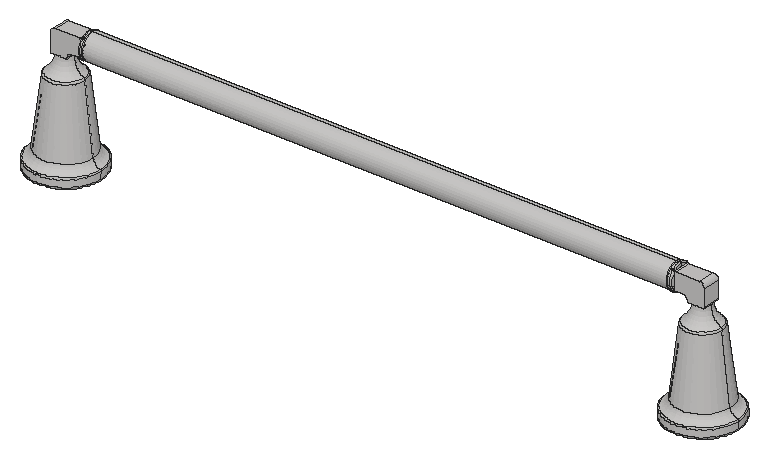
Revit family "FG74818-SUP473283_BIM", category Plumbing Fixtures, host Face, Revit 2014
Parameters (values of type "Standard")
  Width = 20"  # constant formula
  Vent Connection = no
  URL = ""
  Manufacturer = ""
  Faucet Material = Metal - Delta - Stainless-Steel
  Model = "FG74818-SUP473283"  # constant formula
  Height = 3 43/64"  # constant formula
  Description = "Faucet"  # constant formula
  Depth = 2 1/64"  # constant formula
  Default Elevation = 0"
Reference planes (in)
  plane 1 "Center (Front/Back)": y = 0
  plane 2: z = 0
  plane 3 "Center (Left/Right)": x = 0
  plane 4: y = 1.00781
  plane 5: y = -1.00781
  plane 6: z = 3.67187
  plane 7: x = 10.125
  plane 8: x = -10
  plane 9: x = 10
Forms (in)
  Revolve 1, solid, material "Metal - Delta - Stainless-Steel" <- "Faucet Material"
    sketch origin (-3.61975, 0, 0) x (1, 0, 0) y (0, 0, 1)
      loop
        line (-6.29032, 0) -> (-6.29032, 0.22378)
        arc (-6.29032, 0.22378) -> (-6.15704, 0.33659) -> (-6.08438, 0.49536) r 0.40081
        arc (-6.08438, 0.49536) -> (-5.91915, 1.43185) -> (-5.81985, 2.37761) r 13.58497
        arc (-5.81985, 2.37761) -> (-5.61627, 2.61229) -> (-5.53979, 2.91341) r 0.67301
        line (-5.53979, 2.91341) -> (-5.60164, 2.91341)
        arc (-5.60164, 2.91341) -> (-5.66764, 2.63152) -> (-5.86144, 2.41646) r 0.58117
        arc (-5.86144, 2.41646) -> (-5.88364, 2.39302) -> (-5.89331, 2.36222) r 0.07173
        arc (-5.89331, 2.36222) -> (-5.98688, 1.42749) -> (-6.12228, 0.49789) r 20.93898
        arc (-6.12228, 0.49789) -> (-6.20088, 0.35629) -> (-6.33775, 0.26972) r 0.32726
        arc (-6.33775, 0.26972) -> (-6.35516, 0.25707) -> (-6.36182, 0.2366) r 0.03482
        line (-6.36182, 0.2366) -> (-6.36182, 0.03864)
        arc (-6.36182, 0.03864) -> (-6.3505, 0.01132) -> (-6.32318, 0) r 0.03864
        line (-6.32318, 0) -> (-6.29032, 0)
      axis (-5.36183, 0) -> (-5.36183, 2.91341)
    angle from 0 to 360
  Extrusion 2, solid, material "Metal - Delta - Stainless-Steel" <- "Faucet Material"
    sketch origin (-3.61975, 0, 0) x (1, 0, 0) y (0, 0, 1)
      loop
        arc (-5.46132, 3.56021) -> (-5.56054, 3.51911) -> (-5.60164, 3.41989) r 0.14032
        line (-5.60164, 3.41989) -> (-5.60164, 2.94817)
        arc (-5.60164, 2.94817) -> (-5.59157, 2.92386) -> (-5.56726, 2.91379) r 0.03438
        line (-5.56726, 2.91379) -> (-5.16427, 2.91379)
        arc (-5.16427, 2.91379) -> (-5.13752, 2.92443) -> (-5.1254, 2.95054) r 0.03893
        arc (-5.1254, 2.95054) -> (-5.08182, 3.0444) -> (-4.98567, 3.08266) r 0.13995
        line (-4.98567, 3.08266) -> (-4.78825, 3.08266)
        arc (-4.78825, 3.08266) -> (-4.75486, 3.07531) -> (-4.72764, 3.05461) r 0.07949
        arc (-4.72764, 3.05461) -> (-4.71495, 3.04495) -> (-4.69937, 3.04152) r 0.03709
        line (-4.69937, 3.04152) -> (-4.66059, 3.04152) -> (-4.66059, 3.59776) -> (-4.69941, 3.59776)
        arc (-4.69941, 3.59776) -> (-4.71499, 3.59447) -> (-4.72789, 3.58516) r 0.03847
        arc (-4.72789, 3.58516) -> (-4.75343, 3.56673) -> (-4.78424, 3.56021) r 0.07611
        line (-4.78424, 3.56021) -> (-5.46132, 3.56021)
    from -0.23981 to 0.2398
  Revolve 3, solid, material "Metal - Delta - Stainless-Steel" <- "Faucet Material"
    sketch origin (0, 0, 0) x (1, 0, 0) y (0, 0, 1)
      loop
        line (8.23163, 3.67497) -> (-8.21014, 3.67497)
        arc (-8.21014, 3.67497) -> (-8.22674, 3.67066) -> (-8.24337, 3.6748) r 0.03477
        line (-8.24337, 3.6748) -> (-8.30621, 3.6748)
        arc (-8.30621, 3.6748) -> (-8.32996, 3.66497) -> (-8.3398, 3.64122) r 0.03359
        line (-8.3398, 3.64122) -> (-8.3398, 3.32015) -> (8.36128, 3.32015) -> (8.36128, 3.64122)
        arc (8.36128, 3.64122) -> (8.35145, 3.66497) -> (8.3277, 3.6748) r 0.03359
        line (8.3277, 3.6748) -> (8.26485, 3.6748)
        arc (8.26485, 3.6748) -> (8.24822, 3.67066) -> (8.23163, 3.67497) r 0.03477
      axis (-8.3398, 3.32015) -> (8.36128, 3.32015)
    angle from 0 to 360
  Revolve 4, solid, material "Metal - Delta - Stainless-Steel" <- "Faucet Material"
    sketch origin (3.61975, 0, 0) x (-1, 0, 0) y (0, 0, -1)
      loop
        line (-6.29032, 0) -> (-6.32318, 0)
        arc (-6.32318, 0) -> (-6.3505, -0.01132) -> (-6.36182, -0.03864) r 0.03864
        line (-6.36182, -0.03864) -> (-6.36182, -0.2366)
        arc (-6.36182, -0.2366) -> (-6.35516, -0.25707) -> (-6.33775, -0.26972) r 0.03482
        arc (-6.33775, -0.26972) -> (-6.20088, -0.35629) -> (-6.12228, -0.49789) r 0.32726
        arc (-6.12228, -0.49789) -> (-5.98688, -1.42749) -> (-5.89331, -2.36222) r 20.93898
        arc (-5.89331, -2.36222) -> (-5.88364, -2.39302) -> (-5.86144, -2.41646) r 0.07173
        arc (-5.86144, -2.41646) -> (-5.66764, -2.63152) -> (-5.60164, -2.91341) r 0.58117
        line (-5.60164, -2.91341) -> (-5.53979, -2.91341)
        arc (-5.53979, -2.91341) -> (-5.61627, -2.61229) -> (-5.81985, -2.37761) r 0.67301
        arc (-5.81985, -2.37761) -> (-5.91915, -1.43185) -> (-6.08438, -0.49536) r 13.58497
        arc (-6.08438, -0.49536) -> (-6.15704, -0.33659) -> (-6.29032, -0.22378) r 0.40081
        line (-6.29032, -0.22378) -> (-6.29032, 0)
      axis (-5.36183, 0) -> (-5.36183, -2.91341)
    angle from 0 to 360
  Extrusion 5, solid, material "Metal - Delta - Stainless-Steel" <- "Faucet Material"
    sketch origin (3.61975, 0, 0) x (-1, 0, 0) y (0, 0, -1)
      loop
        line (-5.46132, -3.56021) -> (-4.78424, -3.56021)
        arc (-4.78424, -3.56021) -> (-4.75343, -3.56673) -> (-4.72789, -3.58516) r 0.07611
        arc (-4.72789, -3.58516) -> (-4.71499, -3.59447) -> (-4.69941, -3.59776) r 0.03847
        line (-4.69941, -3.59776) -> (-4.66059, -3.59776) -> (-4.66059, -3.04152) -> (-4.69937, -3.04152)
        arc (-4.69937, -3.04152) -> (-4.71495, -3.04495) -> (-4.72764, -3.05461) r 0.03709
        arc (-4.72764, -3.05461) -> (-4.75486, -3.07531) -> (-4.78825, -3.08266) r 0.07949
        line (-4.78825, -3.08266) -> (-4.98567, -3.08266)
        arc (-4.98567, -3.08266) -> (-5.08182, -3.0444) -> (-5.1254, -2.95054) r 0.13995
        arc (-5.1254, -2.95054) -> (-5.13752, -2.92443) -> (-5.16427, -2.91379) r 0.03893
        line (-5.16427, -2.91379) -> (-5.56726, -2.91379)
        arc (-5.56726, -2.91379) -> (-5.59157, -2.92386) -> (-5.60164, -2.94817) r 0.03438
        line (-5.60164, -2.94817) -> (-5.60164, -3.41989)
        arc (-5.60164, -3.41989) -> (-5.56054, -3.51911) -> (-5.46132, -3.56021) r 0.14032
    from -0.23981 to 0.2398
Cuts and joins
  joined: Extrusion 2, Revolve 3, Extrusion 5
Dimensions and locks (in)
  equal spacing: plane 4, plane 1 "Center (Front/Back)", plane 5
  "Depth": plane 4 to plane 5
  "Height": plane 6 to plane 2
  equal spacing: plane 8, plane 3 "Center (Left/Right)", plane 9
  "Width": plane 8 to plane 9
  aligned and locked: plane 2 to host face
  aligned and locked: level to host face
Automatic sketch dimensions
  host sketch curve to host sketch curve = 96"  (x2)
  Revolve 1 sketch curve to level = 0"
  Revolve 1 sketch curve to plane 6 = 0.30802"
  Revolve 1 sketch curve to plane 8 = 20.38946"
  plane 6 to Revolve 1 sketch curve = 0.34936"
  Revolve 1 sketch curve to Revolve 1 sketch curve = 7.3978"
  Revolve 1 sketch curve to plane 8 = 0.09616"
  Revolve 1 sketch curve to Revolve 1 sketch curve = 0.0376"
  plane 8 to Revolve 1 sketch curve = 0.01844"
  Revolve 1 sketch curve to Revolve 1 sketch curve = 0.03482"
  Revolve 1 sketch curve to Revolve 1 sketch curve = 0.03864"
  Revolve 1 sketch curve to Revolve 1 sketch curve = 0.03286"
  plane 8 to Revolve 1 sketch curve = 0.16754"
  Revolve 1 sketch curve to Revolve 1 sketch curve = 0.03004"
  plane 8 to Revolve 1 sketch curve = 0.55846"
  Revolve 1 sketch curve to Revolve 1 sketch curve = 0.58103"
  Revolve 1 sketch curve to Revolve 1 sketch curve = 0.06185"
  Revolve 1 sketch curve to Revolve 1 sketch curve = 0.18514"
  Revolve 1 sketch curve to Revolve 1 sketch curve = 0.01282"
  Revolve 1 sketch curve to Revolve 1 sketch curve = 0.34218"
  Revolve 1 sketch curve to Revolve 1 sketch curve = 0.00221"
  plane 6 to Revolve 1 sketch curve = 1.3152"
  Revolve 1 sketch curve to Revolve 1 sketch curve = 0.54411"
  Revolve 1 sketch curve to Revolve 1 sketch curve = 0.01262"
  Revolve 1 sketch curve to Revolve 1 sketch curve = 0.02327"
  Revolve 1 sketch curve to Revolve 1 sketch curve = 0"  (x3)
  Revolve 1 sketch curve to Revolve 1 sketch curve = 0.0379"
  level to Revolve 1 sketch curve = 0.25814"
  Revolve 1 sketch curve to Revolve 1 sketch curve = 0.72255"
  level to Revolve 1 sketch curve = 0.04156"
  plane 6 to Extrusion 2 sketch curve = 0.25198"
  plane 8 to Extrusion 2 sketch curve = 0.77862"
  Extrusion 2 sketch curve to Extrusion 2 sketch curve = 0.03438"
  plane 6 to Extrusion 2 sketch curve = 0.11166"
  Extrusion 2 sketch curve to Extrusion 2 sketch curve = 0.40299"
  Extrusion 2 sketch curve to Extrusion 2 sketch curve = 0.1786"
  Extrusion 2 sketch curve to Extrusion 2 sketch curve = 0.19742"
  Extrusion 2 sketch curve to Extrusion 2 sketch curve = 0.00401"
  Extrusion 2 sketch curve to Extrusion 2 sketch curve = 0.08483"
  Extrusion 2 sketch curve to Extrusion 2 sketch curve = 0.08888"
  Extrusion 2 sketch curve to Extrusion 2 sketch curve = 0.03882"
  Extrusion 2 sketch curve to Extrusion 2 sketch curve = 0.47755"
  Extrusion 2 sketch curve to Extrusion 2 sketch curve = 0.00405"
  Extrusion 2 sketch curve to Extrusion 2 sketch curve = 0.03709"
  Extrusion 2 sketch curve to Extrusion 2 sketch curve = 0.07949"
  Extrusion 2 sketch curve to Extrusion 2 sketch curve = 0.12994"
  Extrusion 2 sketch curve to Extrusion 2 sketch curve = 0.00455"
  Extrusion 2 sketch curve to Extrusion 2 sketch curve = 0.13995"
  Extrusion 2 sketch curve to Extrusion 2 sketch curve = 0.00092"
  Extrusion 2 sketch curve to Extrusion 2 sketch curve = 0.03847"
  plane 6 to Extrusion 2 sketch curve = 0.03555"
  plane 6 to Revolve 3 sketch curve = 0.35172"  (x2)
  plane 8 to Revolve 3 sketch curve = 1.6602"
  Revolve 3 sketch curve to plane 6 = 0.00293"  (x2)
  Revolve 3 sketch curve to Revolve 3 sketch curve = 0.03359"  (x2)
  Revolve 3 sketch curve to Revolve 3 sketch curve = 0.06284"  (x2)
  Revolve 3 sketch curve to Revolve 3 sketch curve = 0.01646"
  Revolve 3 sketch curve to plane 6 = 0.00309"
  Revolve 3 sketch curve to Revolve 3 sketch curve = 0.03323"  (x2)
  Revolve 3 sketch curve to plane 9 = 1.76837"
  Revolve 3 sketch curve to Revolve 3 sketch curve = 0.01676"
  Revolve 3 sketch curve to Revolve 3 sketch curve = 3.65944"
  Revolve 3 sketch curve to Revolve 3 sketch curve = 0.25226"
  Revolve 4 sketch curve to level = 0"
  Revolve 4 sketch curve to plane 6 = 0.30802"
  plane 7 to Revolve 4 sketch curve = 20.26446"
  plane 6 to Revolve 4 sketch curve = 0.34936"
  Revolve 4 sketch curve to Revolve 4 sketch curve = 7.3978"
  Revolve 4 sketch curve to plane 7 = 0.02884"
  Revolve 4 sketch curve to Revolve 4 sketch curve = 0.0376"
  Revolve 4 sketch curve to plane 9 = 0.01844"
  Revolve 4 sketch curve to Revolve 4 sketch curve = 0.03482"
  Revolve 4 sketch curve to Revolve 4 sketch curve = 0.03864"
  Revolve 4 sketch curve to Revolve 4 sketch curve = 0.03286"
  Revolve 4 sketch curve to plane 9 = 0.16754"
  Revolve 4 sketch curve to Revolve 4 sketch curve = 0.03004"
  Revolve 4 sketch curve to plane 9 = 0.55846"
  Revolve 4 sketch curve to Revolve 4 sketch curve = 0.58103"
  Revolve 4 sketch curve to Revolve 4 sketch curve = 0.06185"
  plane 6 to Revolve 4 sketch curve = 0.74782"
  Revolve 4 sketch curve to Revolve 4 sketch curve = 0.01065"
  Revolve 4 sketch curve to Revolve 4 sketch curve = 0.02327"
  Revolve 4 sketch curve to Revolve 4 sketch curve = 0.55673"
  Revolve 4 sketch curve to Revolve 4 sketch curve = 0.54234"
  Revolve 4 sketch curve to Revolve 4 sketch curve = 0.00221"
  Revolve 4 sketch curve to Revolve 4 sketch curve = 0.19796"
  Revolve 4 sketch curve to Revolve 4 sketch curve = 0.01282"
  Revolve 4 sketch curve to Revolve 4 sketch curve = 0"  (x3)
  Revolve 4 sketch curve to Revolve 4 sketch curve = 0.0379"
  level to Revolve 4 sketch curve = 0.25814"
  Revolve 4 sketch curve to Revolve 4 sketch curve = 0.72255"
  level to Revolve 4 sketch curve = 0.04156"
  plane 6 to Extrusion 5 sketch curve = 0.25198"
  Extrusion 5 sketch curve to plane 9 = 0.77862"
  Extrusion 5 sketch curve to Extrusion 5 sketch curve = 0.03438"
  plane 6 to Extrusion 5 sketch curve = 0.11166"
  Extrusion 5 sketch curve to Extrusion 5 sketch curve = 0.40299"
  Extrusion 5 sketch curve to Extrusion 5 sketch curve = 0.1786"
  Extrusion 5 sketch curve to Extrusion 5 sketch curve = 0.19742"
  Extrusion 5 sketch curve to Extrusion 5 sketch curve = 0.00401"
  Extrusion 5 sketch curve to Extrusion 5 sketch curve = 0.08483"
  Extrusion 5 sketch curve to Extrusion 5 sketch curve = 0.08888"
  Extrusion 5 sketch curve to Extrusion 5 sketch curve = 0.03882"
  plane 6 to Extrusion 5 sketch curve = 0.07411"
  plane 6 to Extrusion 5 sketch curve = 0.03555"
  Extrusion 5 sketch curve to Extrusion 5 sketch curve = 0.03847"
  Extrusion 5 sketch curve to Extrusion 5 sketch curve = 0.47755"
  Extrusion 5 sketch curve to Extrusion 5 sketch curve = 0.00405"
  Extrusion 5 sketch curve to Extrusion 5 sketch curve = 0.03709"
  Extrusion 5 sketch curve to Extrusion 5 sketch curve = 0.07949"
  Extrusion 5 sketch curve to Extrusion 5 sketch curve = 0.12994"
  Extrusion 5 sketch curve to Extrusion 5 sketch curve = 0.00455"
  Extrusion 5 sketch curve to Extrusion 5 sketch curve = 0.13995"
